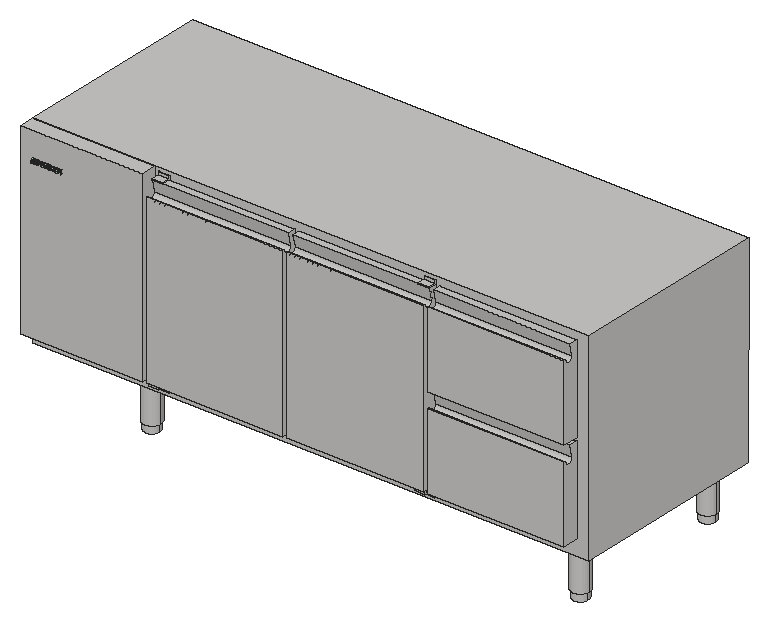
Revit family "QF_ALPENINOX_712681_AJ3F7AAB", category Specialty Equipment, Revit 2018 (continued)
Definition of nested family "APX_BI_BT_L_650"
  Lines and regions (mm)
    Split face 122
      outline origin (-5, -975.3, 50) x (1, 0, 0) y (0, 1, 0)
        loop
          line (-163.464, 661.474) -> (-121.464, 661.474)
          arc (-121.464, 661.474) -> (-117.464, 665.474) -> (-121.464, 669.474) r 4
          line (-121.464, 669.474) -> (-163.464, 669.474)
    Split face 123
      outline origin (325, -975.3, 50) x (1, 0, 0) y (0, 1, 0)
        loop
          arc (-328.464, 669.474) -> (-332.464, 665.474) -> (-328.464, 661.474) r 4
          line (-328.464, 661.474) -> (-286.464, 661.474)
          arc (-286.464, 661.474) -> (-282.464, 665.474) -> (-286.464, 669.474) r 4
          line (-286.464, 669.474) -> (-328.464, 669.474)
    Split face 124
      outline origin (105, -975.3, 50) x (1, 0, 0) y (0, 1, 0)
        loop
          arc (-218.464, 669.474) -> (-222.464, 665.474) -> (-218.464, 661.474) r 4
          line (-218.464, 661.474) -> (-176.464, 661.474)
          arc (-176.464, 661.474) -> (-172.464, 665.474) -> (-176.464, 669.474) r 4
          line (-176.464, 669.474) -> (-218.464, 669.474)
    Split face 125
      outline origin (215, -975.3, 50) x (1, 0, 0) y (0, 1, 0)
        loop
          arc (-273.464, 669.474) -> (-277.464, 665.474) -> (-273.464, 661.474) r 4
          line (-273.464, 661.474) -> (-231.464, 661.474)
          arc (-231.464, 661.474) -> (-227.464, 665.474) -> (-231.464, 669.474) r 4
          line (-231.464, 669.474) -> (-273.464, 669.474)
    Split face 126
      outline origin (-5, -999.3, 50) x (1, 0, 0) y (0, 1, 0)
        loop
          arc (-163.464, 681.474) -> (-167.464, 677.474) -> (-163.464, 673.474) r 4
          line (-163.464, 673.474) -> (-121.464, 673.474)
          arc (-121.464, 673.474) -> (-117.464, 677.474) -> (-121.464, 681.474) r 4
          line (-121.464, 681.474) -> (-163.464, 681.474)
    Split face 127
      outline origin (325, -999.3, 50) x (1, 0, 0) y (0, 1, 0)
        loop
          arc (-328.464, 681.474) -> (-332.464, 677.474) -> (-328.464, 673.474) r 4
          line (-328.464, 673.474) -> (-286.464, 673.474)
          arc (-286.464, 673.474) -> (-282.464, 677.474) -> (-286.464, 681.474) r 4
          line (-286.464, 681.474) -> (-328.464, 681.474)
    Split face 128
      outline origin (105, -999.3, 50) x (1, 0, 0) y (0, 1, 0)
        loop
          arc (-218.464, 681.474) -> (-222.464, 677.474) -> (-218.464, 673.474) r 4
          line (-218.464, 673.474) -> (-176.464, 673.474)
          arc (-176.464, 673.474) -> (-172.464, 677.474) -> (-176.464, 681.474) r 4
          line (-176.464, 681.474) -> (-218.464, 681.474)
    Split face 129
      outline origin (215, -999.3, 50) x (1, 0, 0) y (0, 1, 0)
        loop
          arc (-273.464, 681.474) -> (-277.464, 677.474) -> (-273.464, 673.474) r 4
          line (-273.464, 673.474) -> (-231.464, 673.474)
          arc (-231.464, 673.474) -> (-227.464, 677.474) -> (-231.464, 681.474) r 4
          line (-231.464, 681.474) -> (-273.464, 681.474)
    Split face 130
      outline origin (-5, -1023.3, 50) x (1, 0, 0) y (0, 1, 0)
        loop
          arc (-163.464, 693.474) -> (-167.464, 689.474) -> (-163.464, 685.474) r 4
          line (-163.464, 685.474) -> (-121.464, 685.474)
          arc (-121.464, 685.474) -> (-117.464, 689.474) -> (-121.464, 693.474) r 4
          line (-121.464, 693.474) -> (-163.464, 693.474)
    Split face 131
      outline origin (325, -1023.3, 50) x (1, 0, 0) y (0, 1, 0)
        loop
          arc (-328.464, 693.474) -> (-332.464, 689.474) -> (-328.464, 685.474) r 4
          line (-328.464, 685.474) -> (-286.464, 685.474)
          arc (-286.464, 685.474) -> (-282.464, 689.474) -> (-286.464, 693.474) r 4
          line (-286.464, 693.474) -> (-328.464, 693.474)
    Split face 132
      outline origin (105, -1023.3, 50) x (1, 0, 0) y (0, 1, 0)
        loop
          arc (-218.464, 693.474) -> (-222.464, 689.474) -> (-218.464, 685.474) r 4
          line (-218.464, 685.474) -> (-176.464, 685.474)
          arc (-176.464, 685.474) -> (-172.464, 689.474) -> (-176.464, 693.474) r 4
          line (-176.464, 693.474) -> (-218.464, 693.474)
    Split face 133
      outline origin (215, -1023.3, 50) x (1, 0, 0) y (0, 1, 0)
        loop
          arc (-273.464, 693.474) -> (-277.464, 689.474) -> (-273.464, 685.474) r 4
          line (-273.464, 685.474) -> (-231.464, 685.474)
          arc (-231.464, 685.474) -> (-227.464, 689.474) -> (-231.464, 693.474) r 4
          line (-231.464, 693.474) -> (-273.464, 693.474)
    Split face 134
      outline origin (0, 0, 50) x (1, 0, 0) y (0, 1, 0)
        loop
          arc (51.536, 131.824) -> (47.536, 127.824) -> (51.536, 123.824) r 4
          line (51.536, 123.824) -> (93.536, 123.824)
          arc (93.536, 123.824) -> (97.536, 127.824) -> (93.536, 131.824) r 4
          line (93.536, 131.824) -> (51.536, 131.824)
    Split face 135
      outline origin (0, 0, 50) x (1, 0, 0) y (0, 1, 0)
        loop
          arc (106.536, 131.824) -> (102.536, 127.824) -> (106.536, 123.824) r 4
          line (106.536, 123.824) -> (148.536, 123.824)
          arc (148.536, 123.824) -> (152.536, 127.824) -> (148.536, 131.824) r 4
          line (148.536, 131.824) -> (106.536, 131.824)
    Split face 136
      outline origin (0, -24, 50) x (1, 0, 0) y (0, 1, 0)
        loop
          arc (51.536, 143.824) -> (47.536, 139.824) -> (51.536, 135.824) r 4
          line (51.536, 135.824) -> (93.536, 135.824)
          arc (93.536, 135.824) -> (97.536, 139.824) -> (93.536, 143.824) r 4
          line (93.536, 143.824) -> (51.536, 143.824)
    Split face 137
      outline origin (0, -24, 50) x (1, 0, 0) y (0, 1, 0)
        loop
          arc (106.536, 143.824) -> (102.536, 139.824) -> (106.536, 135.824) r 4
          line (106.536, 135.824) -> (148.536, 135.824)
          arc (148.536, 135.824) -> (152.536, 139.824) -> (148.536, 143.824) r 4
          line (148.536, 143.824) -> (106.536, 143.824)
    Split face 138
      outline origin (0, -48, 50) x (1, 0, 0) y (0, 1, 0)
        loop
          arc (51.536, 155.824) -> (47.536, 151.824) -> (51.536, 147.824) r 4
          line (51.536, 147.824) -> (93.536, 147.824)
          arc (93.536, 147.824) -> (97.536, 151.824) -> (93.536, 155.824) r 4
          line (93.536, 155.824) -> (51.536, 155.824)
    Split face 139
      outline origin (0, -48, 50) x (1, 0, 0) y (0, 1, 0)
        loop
          arc (106.536, 155.824) -> (102.536, 151.824) -> (106.536, 147.824) r 4
          line (106.536, 147.824) -> (148.536, 147.824)
          arc (148.536, 147.824) -> (152.536, 151.824) -> (148.536, 155.824) r 4
          line (148.536, 155.824) -> (106.536, 155.824)
    Split face 140
      outline origin (0, -72, 50) x (1, 0, 0) y (0, 1, 0)
        loop
          arc (51.536, 167.824) -> (47.536, 163.824) -> (51.536, 159.824) r 4
          line (51.536, 159.824) -> (93.536, 159.824)
          arc (93.536, 159.824) -> (97.536, 163.824) -> (93.536, 167.824) r 4
          line (93.536, 167.824) -> (51.536, 167.824)
    Split face 141
      outline origin (0, -72, 50) x (1, 0, 0) y (0, 1, 0)
        loop
          arc (106.536, 167.824) -> (102.536, 163.824) -> (106.536, 159.824) r 4
          line (106.536, 159.824) -> (148.536, 159.824)
          arc (148.536, 159.824) -> (152.536, 163.824) -> (148.536, 167.824) r 4
          line (148.536, 167.824) -> (106.536, 167.824)
    Split face 142
      outline origin (0, -96, 50) x (1, 0, 0) y (0, 1, 0)
        loop
          arc (51.536, 179.824) -> (47.536, 175.824) -> (51.536, 171.824) r 4
          line (51.536, 171.824) -> (93.536, 171.824)
          arc (93.536, 171.824) -> (97.536, 175.824) -> (93.536, 179.824) r 4
          line (93.536, 179.824) -> (51.536, 179.824)
    Split face 143
      outline origin (0, -96, 50) x (1, 0, 0) y (0, 1, 0)
        loop
          arc (106.536, 179.824) -> (102.536, 175.824) -> (106.536, 171.824) r 4
          line (106.536, 171.824) -> (148.536, 171.824)
          arc (148.536, 171.824) -> (152.536, 175.824) -> (148.536, 179.824) r 4
          line (148.536, 179.824) -> (106.536, 179.824)
    Split face 144
      outline origin (0, -120, 50) x (1, 0, 0) y (0, 1, 0)
        loop
          arc (51.536, 191.824) -> (47.536, 187.824) -> (51.536, 183.824) r 4
          line (51.536, 183.824) -> (93.536, 183.824)
          arc (93.536, 183.824) -> (97.536, 187.824) -> (93.536, 191.824) r 4
          line (93.536, 191.824) -> (51.536, 191.824)
    Split face 145
      outline origin (0, -120, 50) x (1, 0, 0) y (0, 1, 0)
        loop
          arc (106.536, 191.824) -> (102.536, 187.824) -> (106.536, 183.824) r 4
          line (106.536, 183.824) -> (148.536, 183.824)
          arc (148.536, 183.824) -> (152.536, 187.824) -> (148.536, 191.824) r 4
          line (148.536, 191.824) -> (106.536, 191.824)
    Split face 146
      outline origin (0, -144, 50) x (1, 0, 0) y (0, 1, 0)
        loop
          arc (51.536, 203.824) -> (47.536, 199.824) -> (51.536, 195.824) r 4
          line (51.536, 195.824) -> (93.536, 195.824)
          arc (93.536, 195.824) -> (97.536, 199.824) -> (93.536, 203.824) r 4
          line (93.536, 203.824) -> (51.536, 203.824)
    Split face 147
      outline origin (0, -144, 50) x (1, 0, 0) y (0, 1, 0)
        loop
          arc (106.536, 203.824) -> (102.536, 199.824) -> (106.536, 195.824) r 4
          line (106.536, 195.824) -> (148.536, 195.824)
          arc (148.536, 195.824) -> (152.536, 199.824) -> (148.536, 203.824) r 4
          line (148.536, 203.824) -> (106.536, 203.824)
    Split face 148
      outline origin (0, -168, 50) x (1, 0, 0) y (0, 1, 0)
        loop
          arc (51.536, 215.824) -> (47.536, 211.824) -> (51.536, 207.824) r 4
          line (51.536, 207.824) -> (93.536, 207.824)
          arc (93.536, 207.824) -> (97.536, 211.824) -> (93.536, 215.824) r 4
          line (93.536, 215.824) -> (51.536, 215.824)
    Split face 149
      outline origin (0, -168, 50) x (1, 0, 0) y (0, 1, 0)
        loop
          arc (106.536, 215.824) -> (102.536, 211.824) -> (106.536, 207.824) r 4
          line (106.536, 207.824) -> (148.536, 207.824)
          arc (148.536, 207.824) -> (152.536, 211.824) -> (148.536, 215.824) r 4
          line (148.536, 215.824) -> (106.536, 215.824)
    Split face 150
      outline origin (0, -192, 50) x (1, 0, 0) y (0, 1, 0)
        loop
          arc (51.536, 227.824) -> (47.536, 223.824) -> (51.536, 219.824) r 4
          line (51.536, 219.824) -> (93.536, 219.824)
          arc (93.536, 219.824) -> (97.536, 223.824) -> (93.536, 227.824) r 4
          line (93.536, 227.824) -> (51.536, 227.824)
    Split face 151
      outline origin (0, -192, 50) x (1, 0, 0) y (0, 1, 0)
        loop
          arc (106.536, 227.824) -> (102.536, 223.824) -> (106.536, 219.824) r 4
          line (106.536, 219.824) -> (148.536, 219.824)
          arc (148.536, 219.824) -> (152.536, 223.824) -> (148.536, 227.824) r 4
          line (148.536, 227.824) -> (106.536, 227.824)
    Split face 152
      outline origin (0, -216, 50) x (1, 0, 0) y (0, 1, 0)
        loop
          arc (51.536, 239.824) -> (47.536, 235.824) -> (51.536, 231.824) r 4
          line (51.536, 231.824) -> (93.536, 231.824)
          arc (93.536, 231.824) -> (97.536, 235.824) -> (93.536, 239.824) r 4
          line (93.536, 239.824) -> (51.536, 239.824)
    Split face 153
      outline origin (0, -216, 50) x (1, 0, 0) y (0, 1, 0)
        loop
          arc (106.536, 239.824) -> (102.536, 235.824) -> (106.536, 231.824) r 4
          line (106.536, 231.824) -> (148.536, 231.824)
          arc (148.536, 231.824) -> (152.536, 235.824) -> (148.536, 239.824) r 4
          line (148.536, 239.824) -> (106.536, 239.824)
    Split face 154
      outline origin (0, -240, 50) x (1, 0, 0) y (0, 1, 0)
        loop
          arc (51.536, 251.824) -> (47.536, 247.824) -> (51.536, 243.824) r 4
          line (51.536, 243.824) -> (93.536, 243.824)
          arc (93.536, 243.824) -> (97.536, 247.824) -> (93.536, 251.824) r 4
          line (93.536, 251.824) -> (51.536, 251.824)
    Split face 155
      outline origin (0, -240, 50) x (1, 0, 0) y (0, 1, 0)
        loop
          arc (106.536, 251.824) -> (102.536, 247.824) -> (106.536, 243.824) r 4
          line (106.536, 243.824) -> (148.536, 243.824)
          arc (148.536, 243.824) -> (152.536, 247.824) -> (148.536, 251.824) r 4
          line (148.536, 251.824) -> (106.536, 251.824)
    Split face 156
      outline origin (0, -264, 50) x (1, 0, 0) y (0, 1, 0)
        loop
          arc (51.536, 263.824) -> (47.536, 259.824) -> (51.536, 255.824) r 4
          line (51.536, 255.824) -> (93.536, 255.824)
          arc (93.536, 255.824) -> (97.536, 259.824) -> (93.536, 263.824) r 4
          line (93.536, 263.824) -> (51.536, 263.824)
    Split face 157
      outline origin (0, -264, 50) x (1, 0, 0) y (0, 1, 0)
        loop
          arc (106.536, 263.824) -> (102.536, 259.824) -> (106.536, 255.824) r 4
          line (106.536, 255.824) -> (148.536, 255.824)
          arc (148.536, 255.824) -> (152.536, 259.824) -> (148.536, 263.824) r 4
          line (148.536, 263.824) -> (106.536, 263.824)
    Split face 158
      outline origin (0, -288, 50) x (1, 0, 0) y (0, 1, 0)
        loop
          arc (51.536, 275.824) -> (47.536, 271.824) -> (51.536, 267.824) r 4
          line (51.536, 267.824) -> (93.536, 267.824)
          arc (93.536, 267.824) -> (97.536, 271.824) -> (93.536, 275.824) r 4
          line (93.536, 275.824) -> (51.536, 275.824)
    Split face 159
      outline origin (0, -288, 50) x (1, 0, 0) y (0, 1, 0)
        loop
          arc (106.536, 275.824) -> (102.536, 271.824) -> (106.536, 267.824) r 4
          line (106.536, 267.824) -> (148.536, 267.824)
          arc (148.536, 267.824) -> (152.536, 271.824) -> (148.536, 275.824) r 4
          line (148.536, 275.824) -> (106.536, 275.824)
    Split face 160
      outline origin (0, -312, 50) x (1, 0, 0) y (0, 1, 0)
        loop
          arc (51.536, 287.824) -> (47.536, 283.824) -> (51.536, 279.824) r 4
          line (51.536, 279.824) -> (93.536, 279.824)
          arc (93.536, 279.824) -> (97.536, 283.824) -> (93.536, 287.824) r 4
          line (93.536, 287.824) -> (51.536, 287.824)
    Split face 161
      outline origin (0, -312, 50) x (1, 0, 0) y (0, 1, 0)
        loop
          arc (106.536, 287.824) -> (102.536, 283.824) -> (106.536, 279.824) r 4
          line (106.536, 279.824) -> (148.536, 279.824)
          arc (148.536, 279.824) -> (152.536, 283.824) -> (148.536, 287.824) r 4
          line (148.536, 287.824) -> (106.536, 287.824)
    Split face 162
      outline origin (0, -336, 50) x (1, 0, 0) y (0, 1, 0)
        loop
          arc (51.536, 299.824) -> (47.536, 295.824) -> (51.536, 291.824) r 4
          line (51.536, 291.824) -> (93.536, 291.824)
          arc (93.536, 291.824) -> (97.536, 295.824) -> (93.536, 299.824) r 4
          line (93.536, 299.824) -> (51.536, 299.824)
    Split face 163
      outline origin (0, -336, 50) x (1, 0, 0) y (0, 1, 0)
        loop
          arc (106.536, 299.824) -> (102.536, 295.824) -> (106.536, 291.824) r 4
          line (106.536, 291.824) -> (148.536, 291.824)
          arc (148.536, 291.824) -> (152.536, 295.824) -> (148.536, 299.824) r 4
          line (148.536, 299.824) -> (106.536, 299.824)
    Split face 164
      outline origin (0, -360, 50) x (1, 0, 0) y (0, 1, 0)
        loop
          arc (51.536, 311.824) -> (47.536, 307.824) -> (51.536, 303.824) r 4
          line (51.536, 303.824) -> (93.536, 303.824)
          arc (93.536, 303.824) -> (97.536, 307.824) -> (93.536, 311.824) r 4
          line (93.536, 311.824) -> (51.536, 311.824)
    Split face 165
      outline origin (0, -360, 50) x (1, 0, 0) y (0, 1, 0)
        loop
          arc (106.536, 311.824) -> (102.536, 307.824) -> (106.536, 303.824) r 4
          line (106.536, 303.824) -> (148.536, 303.824)
          arc (148.536, 303.824) -> (152.536, 307.824) -> (148.536, 311.824) r 4
          line (148.536, 311.824) -> (106.536, 311.824)
    Split face 166
      outline origin (0, -663.3, 50) x (1, 0, 0) y (0, 1, 0)
        loop
          arc (51.536, 513.474) -> (47.536, 509.474) -> (51.536, 505.474) r 4
          line (51.536, 505.474) -> (93.536, 505.474)
          arc (93.536, 505.474) -> (97.536, 509.474) -> (93.536, 513.474) r 4
          line (93.536, 513.474) -> (51.536, 513.474)
    Split face 167
      outline origin (0, -663.3, 50) x (1, 0, 0) y (0, 1, 0)
        loop
          arc (106.536, 513.474) -> (102.536, 509.474) -> (106.536, 505.474) r 4
          line (106.536, 505.474) -> (148.536, 505.474)
          arc (148.536, 505.474) -> (152.536, 509.474) -> (148.536, 513.474) r 4
          line (148.536, 513.474) -> (106.536, 513.474)
    Split face 168
      outline origin (0, -687.3, 50) x (1, 0, 0) y (0, 1, 0)
        loop
          arc (51.536, 525.474) -> (47.536, 521.474) -> (51.536, 517.474) r 4
          line (51.536, 517.474) -> (93.536, 517.474)
          arc (93.536, 517.474) -> (97.536, 521.474) -> (93.536, 525.474) r 4
          line (93.536, 525.474) -> (51.536, 525.474)
    Split face 169
      outline origin (0, -687.3, 50) x (1, 0, 0) y (0, 1, 0)
        loop
          arc (106.536, 525.474) -> (102.536, 521.474) -> (106.536, 517.474) r 4
          line (106.536, 517.474) -> (148.536, 517.474)
          arc (148.536, 517.474) -> (152.536, 521.474) -> (148.536, 525.474) r 4
          line (148.536, 525.474) -> (106.536, 525.474)
    Split face 170
      outline origin (0, -711.3, 50) x (1, 0, 0) y (0, 1, 0)
        loop
          arc (51.536, 537.474) -> (47.536, 533.474) -> (51.536, 529.474) r 4
          line (51.536, 529.474) -> (93.536, 529.474)
          arc (93.536, 529.474) -> (97.536, 533.474) -> (93.536, 537.474) r 4
          line (93.536, 537.474) -> (51.536, 537.474)
    Split face 171
      outline origin (0, -711.3, 50) x (1, 0, 0) y (0, 1, 0)
        loop
          arc (106.536, 537.474) -> (102.536, 533.474) -> (106.536, 529.474) r 4
          line (106.536, 529.474) -> (148.536, 529.474)
          arc (148.536, 529.474) -> (152.536, 533.474) -> (148.536, 537.474) r 4
          line (148.536, 537.474) -> (106.536, 537.474)
    Split face 172
      outline origin (0, -735.3, 50) x (1, 0, 0) y (0, 1, 0)
        loop
          arc (51.536, 549.474) -> (47.536, 545.474) -> (51.536, 541.474) r 4
          line (51.536, 541.474) -> (93.536, 541.474)
          arc (93.536, 541.474) -> (97.536, 545.474) -> (93.536, 549.474) r 4
          line (93.536, 549.474) -> (51.536, 549.474)
    Split face 173
      outline origin (0, -735.3, 50) x (1, 0, 0) y (0, 1, 0)
        loop
          arc (106.536, 549.474) -> (102.536, 545.474) -> (106.536, 541.474) r 4
          line (106.536, 541.474) -> (148.536, 541.474)
          arc (148.536, 541.474) -> (152.536, 545.474) -> (148.536, 549.474) r 4
          line (148.536, 549.474) -> (106.536, 549.474)
    Split face 174
      outline origin (0, -759.3, 50) x (1, 0, 0) y (0, 1, 0)
        loop
          arc (51.536, 561.474) -> (47.536, 557.474) -> (51.536, 553.474) r 4
          line (51.536, 553.474) -> (93.536, 553.474)
          arc (93.536, 553.474) -> (97.536, 557.474) -> (93.536, 561.474) r 4
          line (93.536, 561.474) -> (51.536, 561.474)
    Split face 175
      outline origin (0, -759.3, 50) x (1, 0, 0) y (0, 1, 0)
        loop
          arc (106.536, 561.474) -> (102.536, 557.474) -> (106.536, 553.474) r 4
          line (106.536, 553.474) -> (148.536, 553.474)
          arc (148.536, 553.474) -> (152.536, 557.474) -> (148.536, 561.474) r 4
          line (148.536, 561.474) -> (106.536, 561.474)
    Split face 176
      outline origin (0, -783.3, 50) x (1, 0, 0) y (0, 1, 0)
        loop
          arc (51.536, 573.474) -> (47.536, 569.474) -> (51.536, 565.474) r 4
          line (51.536, 565.474) -> (93.536, 565.474)
          arc (93.536, 565.474) -> (97.536, 569.474) -> (93.536, 573.474) r 4
          line (93.536, 573.474) -> (51.536, 573.474)
    Split face 177
      outline origin (0, -783.3, 50) x (1, 0, 0) y (0, 1, 0)
        loop
          arc (106.536, 573.474) -> (102.536, 569.474) -> (106.536, 565.474) r 4
          line (106.536, 565.474) -> (148.536, 565.474)
          arc (148.536, 565.474) -> (152.536, 569.474) -> (148.536, 573.474) r 4
          line (148.536, 573.474) -> (106.536, 573.474)
    Split face 178
      outline origin (0, -807.3, 50) x (1, 0, 0) y (0, 1, 0)
        loop
          arc (51.536, 585.474) -> (47.536, 581.474) -> (51.536, 577.474) r 4
          line (51.536, 577.474) -> (93.536, 577.474)
          arc (93.536, 577.474) -> (97.536, 581.474) -> (93.536, 585.474) r 4
          line (93.536, 585.474) -> (51.536, 585.474)
    Split face 179
      outline origin (0, -807.3, 50) x (1, 0, 0) y (0, 1, 0)
        loop
          arc (106.536, 585.474) -> (102.536, 581.474) -> (106.536, 577.474) r 4
          line (106.536, 577.474) -> (148.536, 577.474)
          arc (148.536, 577.474) -> (152.536, 581.474) -> (148.536, 585.474) r 4
          line (148.536, 585.474) -> (106.536, 585.474)
    Split face 180
      outline origin (0, -831.3, 50) x (1, 0, 0) y (0, 1, 0)
        loop
          arc (51.536, 597.474) -> (47.536, 593.474) -> (51.536, 589.474) r 4
          line (51.536, 589.474) -> (93.536, 589.474)
          arc (93.536, 589.474) -> (97.536, 593.474) -> (93.536, 597.474) r 4
          line (93.536, 597.474) -> (51.536, 597.474)
    Split face 181
      outline origin (0, -831.3, 50) x (1, 0, 0) y (0, 1, 0)
        loop
          arc (106.536, 597.474) -> (102.536, 593.474) -> (106.536, 589.474) r 4
          line (106.536, 589.474) -> (148.536, 589.474)
          arc (148.536, 589.474) -> (152.536, 593.474) -> (148.536, 597.474) r 4
          line (148.536, 597.474) -> (106.536, 597.474)
    Split face 182
      outline origin (0, -855.3, 50) x (1, 0, 0) y (0, 1, 0)
        loop
          arc (51.536, 609.474) -> (47.536, 605.474) -> (51.536, 601.474) r 4
          line (51.536, 601.474) -> (93.536, 601.474)
          arc (93.536, 601.474) -> (97.536, 605.474) -> (93.536, 609.474) r 4
          line (93.536, 609.474) -> (51.536, 609.474)
    Split face 183
      outline origin (0, -855.3, 50) x (1, 0, 0) y (0, 1, 0)
        loop
          arc (106.536, 609.474) -> (102.536, 605.474) -> (106.536, 601.474) r 4
          line (106.536, 601.474) -> (148.536, 601.474)
          arc (148.536, 601.474) -> (152.536, 605.474) -> (148.536, 609.474) r 4
          line (148.536, 609.474) -> (106.536, 609.474)
    Split face 184
      outline origin (0, -879.3, 50) x (1, 0, 0) y (0, 1, 0)
        loop
          arc (51.536, 621.474) -> (47.536, 617.474) -> (51.536, 613.474) r 4
          line (51.536, 613.474) -> (93.536, 613.474)
          arc (93.536, 613.474) -> (97.536, 617.474) -> (93.536, 621.474) r 4
          line (93.536, 621.474) -> (51.536, 621.474)
    Split face 185
      outline origin (0, -879.3, 50) x (1, 0, 0) y (0, 1, 0)
        loop
          arc (106.536, 621.474) -> (102.536, 617.474) -> (106.536, 613.474) r 4
          line (106.536, 613.474) -> (148.536, 613.474)
          arc (148.536, 613.474) -> (152.536, 617.474) -> (148.536, 621.474) r 4
          line (148.536, 621.474) -> (106.536, 621.474)
    Split face 186
      outline origin (0, -903.3, 50) x (1, 0, 0) y (0, 1, 0)
        loop
          arc (51.536, 633.474) -> (47.536, 629.474) -> (51.536, 625.474) r 4
          line (51.536, 625.474) -> (93.536, 625.474)
          arc (93.536, 625.474) -> (97.536, 629.474) -> (93.536, 633.474) r 4
          line (93.536, 633.474) -> (51.536, 633.474)
    Split face 187
      outline origin (0, -903.3, 50) x (1, 0, 0) y (0, 1, 0)
        loop
          arc (106.536, 633.474) -> (102.536, 629.474) -> (106.536, 625.474) r 4
          line (106.536, 625.474) -> (148.536, 625.474)
          arc (148.536, 625.474) -> (152.536, 629.474) -> (148.536, 633.474) r 4
          line (148.536, 633.474) -> (106.536, 633.474)
    Split face 188
      outline origin (0, -927.3, 50) x (1, 0, 0) y (0, 1, 0)
        loop
          arc (51.536, 645.474) -> (47.536, 641.474) -> (51.536, 637.474) r 4
          line (51.536, 637.474) -> (93.536, 637.474)
          arc (93.536, 637.474) -> (97.536, 641.474) -> (93.536, 645.474) r 4
          line (93.536, 645.474) -> (51.536, 645.474)
    Split face 189
      outline origin (0, -927.3, 50) x (1, 0, 0) y (0, 1, 0)
        loop
          arc (106.536, 645.474) -> (102.536, 641.474) -> (106.536, 637.474) r 4
          line (106.536, 637.474) -> (148.536, 637.474)
          arc (148.536, 637.474) -> (152.536, 641.474) -> (148.536, 645.474) r 4
          line (148.536, 645.474) -> (106.536, 645.474)
    Split face 190
      outline origin (0, -951.3, 50) x (1, 0, 0) y (0, 1, 0)
        loop
          arc (51.536, 657.474) -> (47.536, 653.474) -> (51.536, 649.474) r 4
          line (51.536, 649.474) -> (93.536, 649.474)
          arc (93.536, 649.474) -> (97.536, 653.474) -> (93.536, 657.474) r 4
          line (93.536, 657.474) -> (51.536, 657.474)
    Split face 191
      outline origin (0, -951.3, 50) x (1, 0, 0) y (0, 1, 0)
        loop
          arc (106.536, 657.474) -> (102.536, 653.474) -> (106.536, 649.474) r 4
          line (106.536, 649.474) -> (148.536, 649.474)
          arc (148.536, 649.474) -> (152.536, 653.474) -> (148.536, 657.474) r 4
          line (148.536, 657.474) -> (106.536, 657.474)
    Split face 192
      outline origin (0, -975.3, 50) x (1, 0, 0) y (0, 1, 0)
        loop
          arc (51.536, 669.474) -> (47.536, 665.474) -> (51.536, 661.474) r 4
          line (51.536, 661.474) -> (93.536, 661.474)
          arc (93.536, 661.474) -> (97.536, 665.474) -> (93.536, 669.474) r 4
          line (93.536, 669.474) -> (51.536, 669.474)
    Split face 193
      outline origin (0, -975.3, 50) x (1, 0, 0) y (0, 1, 0)
        loop
          arc (106.536, 669.474) -> (102.536, 665.474) -> (106.536, 661.474) r 4
          line (106.536, 661.474) -> (148.536, 661.474)
          arc (148.536, 661.474) -> (152.536, 665.474) -> (148.536, 669.474) r 4
          line (148.536, 669.474) -> (106.536, 669.474)
    Split face 194
      outline origin (0, -999.3, 50) x (1, 0, 0) y (0, 1, 0)
        loop
          arc (51.536, 681.474) -> (47.536, 677.474) -> (51.536, 673.474) r 4
          line (51.536, 673.474) -> (93.536, 673.474)
          arc (93.536, 673.474) -> (97.536, 677.474) -> (93.536, 681.474) r 4
          line (93.536, 681.474) -> (51.536, 681.474)
    Split face 195
      outline origin (0, -999.3, 50) x (1, 0, 0) y (0, 1, 0)
        loop
          arc (106.536, 681.474) -> (102.536, 677.474) -> (106.536, 673.474) r 4
          line (106.536, 673.474) -> (148.536, 673.474)
          arc (148.536, 673.474) -> (152.536, 677.474) -> (148.536, 681.474) r 4
          line (148.536, 681.474) -> (106.536, 681.474)
    Split face 196
      outline origin (0, -1023.3, 50) x (1, 0, 0) y (0, 1, 0)
        loop
          arc (51.536, 693.474) -> (47.536, 689.474) -> (51.536, 685.474) r 4
          line (51.536, 685.474) -> (93.536, 685.474)
          arc (93.536, 685.474) -> (97.536, 689.474) -> (93.536, 693.474) r 4
          line (93.536, 693.474) -> (51.536, 693.474)
    Split face 197
      outline origin (0, -1023.3, 50) x (1, 0, 0) y (0, 1, 0)
        loop
          arc (106.536, 693.474) -> (102.536, 689.474) -> (106.536, 685.474) r 4
          line (106.536, 685.474) -> (148.536, 685.474)
          arc (148.536, 685.474) -> (152.536, 689.474) -> (148.536, 693.474) r 4
          line (148.536, 693.474) -> (106.536, 693.474)
    Split face 198
      outline origin (100, 0, 50) x (1, 0, 0) y (0, 1, 0)
        loop
          line (87.08, 183) -> (-272.92, 183)
          arc (-272.92, 183) -> (-290.42, 165.5) -> (-272.92, 148) r 17.5
          line (-272.92, 148) -> (87.08, 148)
    symbolic lines
      curve 1: line (187.08, -49, 50) -> (187.08, -49, 0)
  Dimensions and locks
    equal spacing: plane 4, plane 3 "Center (Left/Right)", plane 5
    equal spacing: plane 6, plane 1 "Center (Front/Back)", plane 7
    aligned and locked: plane 2 to Extrusion 1
    aligned and locked: level to Extrusion 1
  Automatic sketch dimensions
    Split face 4 sketch curve to Split face 4 sketch curve = 42 mm
    Split face 4 sketch curve to Split face 4 sketch curve = 4 mm
    Split face 5 sketch curve to Split face 5 sketch curve = 42 mm
    Split face 5 sketch curve to Split face 5 sketch curve = 4 mm
    Split face 6 sketch curve to Split face 6 sketch curve = 42 mm
    Split face 6 sketch curve to Split face 6 sketch curve = 4 mm
    Split face 7 sketch curve to Split face 7 sketch curve = 42 mm
    Split face 7 sketch curve to Split face 7 sketch curve = 4 mm
    Split face 8 sketch curve to Split face 8 sketch curve = 42 mm
    Split face 8 sketch curve to Split face 8 sketch curve = 4 mm
    Split face 9 sketch curve to Split face 9 sketch curve = 42 mm
    Split face 9 sketch curve to Split face 9 sketch curve = 4 mm
    Split face 10 sketch curve to Split face 10 sketch curve = 42 mm
    Split face 10 sketch curve to Split face 10 sketch curve = 4 mm
    Split face 11 sketch curve to Split face 11 sketch curve = 42 mm
    Split face 11 sketch curve to Split face 11 sketch curve = 4 mm
    Split face 12 sketch curve to Split face 12 sketch curve = 42 mm
    Split face 12 sketch curve to Split face 12 sketch curve = 4 mm
    Split face 13 sketch curve to Split face 13 sketch curve = 42 mm
    Split face 13 sketch curve to Split face 13 sketch curve = 4 mm
    Split face 14 sketch curve to Split face 14 sketch curve = 42 mm
    Split face 14 sketch curve to Split face 14 sketch curve = 4 mm
    Split face 15 sketch curve to Split face 15 sketch curve = 42 mm
    Split face 15 sketch curve to Split face 15 sketch curve = 4 mm
    Split face 16 sketch curve to Split face 16 sketch curve = 42 mm
    Split face 16 sketch curve to Split face 16 sketch curve = 4 mm
    Split face 17 sketch curve to Split face 17 sketch curve = 42 mm
    Split face 17 sketch curve to Split face 17 sketch curve = 4 mm
    Split face 18 sketch curve to Split face 18 sketch curve = 42 mm
    Split face 18 sketch curve to Split face 18 sketch curve = 4 mm
    Split face 19 sketch curve to Split face 19 sketch curve = 42 mm
    Split face 19 sketch curve to Split face 19 sketch curve = 4 mm
    Split face 20 sketch curve to Split face 20 sketch curve = 42 mm
    Split face 20 sketch curve to Split face 20 sketch curve = 4 mm
    Split face 21 sketch curve to Split face 21 sketch curve = 42 mm
    Split face 21 sketch curve to Split face 21 sketch curve = 4 mm
    Split face 22 sketch curve to Split face 22 sketch curve = 42 mm
    Split face 22 sketch curve to Split face 22 sketch curve = 4 mm
    Split face 23 sketch curve to Split face 23 sketch curve = 42 mm
    Split face 23 sketch curve to Split face 23 sketch curve = 4 mm
    Split face 24 sketch curve to Split face 24 sketch curve = 42 mm
    Split face 24 sketch curve to Split face 24 sketch curve = 4 mm
    Split face 25 sketch curve to Split face 25 sketch curve = 42 mm
    Split face 25 sketch curve to Split face 25 sketch curve = 4 mm
    Split face 26 sketch curve to Split face 26 sketch curve = 42 mm
    Split face 26 sketch curve to Split face 26 sketch curve = 4 mm
    Split face 27 sketch curve to Split face 27 sketch curve = 42 mm
    Split face 27 sketch curve to Split face 27 sketch curve = 4 mm
    Split face 28 sketch curve to Split face 28 sketch curve = 42 mm
    Split face 28 sketch curve to Split face 28 sketch curve = 4 mm
    Split face 29 sketch curve to Split face 29 sketch curve = 42 mm
    Split face 29 sketch curve to Split face 29 sketch curve = 4 mm
    Split face 30 sketch curve to Split face 30 sketch curve = 42 mm
    Split face 30 sketch curve to Split face 30 sketch curve = 4 mm
    Split face 31 sketch curve to Split face 31 sketch curve = 42 mm
    Split face 31 sketch curve to Split face 31 sketch curve = 4 mm
    Split face 32 sketch curve to Split face 32 sketch curve = 42 mm
    Split face 32 sketch curve to Split face 32 sketch curve = 4 mm
    Split face 33 sketch curve to Split face 33 sketch curve = 42 mm
    Split face 33 sketch curve to Split face 33 sketch curve = 4 mm
    Split face 34 sketch curve to Split face 34 sketch curve = 42 mm
    Split face 34 sketch curve to Split face 34 sketch curve = 4 mm
    Split face 35 sketch curve to Split face 35 sketch curve = 42 mm
    Split face 35 sketch curve to Split face 35 sketch curve = 4 mm
    Split face 36 sketch curve to Split face 36 sketch curve = 42 mm
    Split face 36 sketch curve to Split face 36 sketch curve = 4 mm
    Split face 37 sketch curve to Split face 37 sketch curve = 42 mm
    Split face 37 sketch curve to Split face 37 sketch curve = 4 mm
    Split face 38 sketch curve to Split face 38 sketch curve = 42 mm
    Split face 38 sketch curve to Split face 38 sketch curve = 4 mm
    Split face 39 sketch curve to Split face 39 sketch curve = 42 mm
    Split face 39 sketch curve to Split face 39 sketch curve = 4 mm
    Split face 40 sketch curve to Split face 40 sketch curve = 42 mm
    Split face 40 sketch curve to Split face 40 sketch curve = 4 mm
    Split face 41 sketch curve to Split face 41 sketch curve = 42 mm
    Split face 41 sketch curve to Split face 41 sketch curve = 4 mm
    Split face 42 sketch curve to Split face 42 sketch curve = 42 mm
    Split face 42 sketch curve to Split face 42 sketch curve = 4 mm
    Split face 43 sketch curve to Split face 43 sketch curve = 42 mm
    Split face 43 sketch curve to Split face 43 sketch curve = 4 mm
    Split face 44 sketch curve to Split face 44 sketch curve = 42 mm
    Split face 44 sketch curve to Split face 44 sketch curve = 4 mm
    Split face 45 sketch curve to Split face 45 sketch curve = 42 mm
    Split face 45 sketch curve to Split face 45 sketch curve = 4 mm
    Split face 46 sketch curve to Split face 46 sketch curve = 42 mm
    Split face 46 sketch curve to Split face 46 sketch curve = 4 mm
    Split face 47 sketch curve to Split face 47 sketch curve = 42 mm
    Split face 47 sketch curve to Split face 47 sketch curve = 4 mm
    Split face 48 sketch curve to Split face 48 sketch curve = 42 mm
    Split face 48 sketch curve to Split face 48 sketch curve = 4 mm
    Split face 49 sketch curve to Split face 49 sketch curve = 42 mm
    Split face 49 sketch curve to Split face 49 sketch curve = 4 mm
    Split face 50 sketch curve to Split face 50 sketch curve = 42 mm
    Split face 50 sketch curve to Split face 50 sketch curve = 4 mm
    Split face 51 sketch curve to Split face 51 sketch curve = 42 mm
    Split face 51 sketch curve to Split face 51 sketch curve = 4 mm
    Split face 52 sketch curve to Split face 52 sketch curve = 42 mm
    Split face 52 sketch curve to Split face 52 sketch curve = 4 mm
    Split face 53 sketch curve to Split face 53 sketch curve = 42 mm
    Split face 53 sketch curve to Split face 53 sketch curve = 4 mm
    Split face 54 sketch curve to Split face 54 sketch curve = 42 mm
    Split face 54 sketch curve to Split face 54 sketch curve = 4 mm
    Split face 55 sketch curve to Split face 55 sketch curve = 42 mm
    Split face 55 sketch curve to Split face 55 sketch curve = 4 mm
    Split face 56 sketch curve to Split face 56 sketch curve = 42 mm
    Split face 56 sketch curve to Split face 56 sketch curve = 4 mm
    Split face 57 sketch curve to Split face 57 sketch curve = 42 mm
    Split face 57 sketch curve to Split face 57 sketch curve = 4 mm
    Split face 58 sketch curve to Split face 58 sketch curve = 42 mm
    Split face 58 sketch curve to Split face 58 sketch curve = 4 mm
    Split face 59 sketch curve to Split face 59 sketch curve = 42 mm
    Split face 59 sketch curve to Split face 59 sketch curve = 4 mm
    Split face 60 sketch curve to Split face 60 sketch curve = 42 mm
    Split face 60 sketch curve to Split face 60 sketch curve = 4 mm
    Split face 61 sketch curve to Split face 61 sketch curve = 42 mm
    Split face 61 sketch curve to Split face 61 sketch curve = 4 mm
    Split face 62 sketch curve to Split face 62 sketch curve = 42 mm
    Split face 62 sketch curve to Split face 62 sketch curve = 4 mm
    Split face 63 sketch curve to Split face 63 sketch curve = 42 mm
    Split face 63 sketch curve to Split face 63 sketch curve = 4 mm
    Split face 64 sketch curve to Split face 64 sketch curve = 42 mm
    Split face 64 sketch curve to Split face 64 sketch curve = 4 mm
    Split face 65 sketch curve to Split face 65 sketch curve = 42 mm
    Split face 65 sketch curve to Split face 65 sketch curve = 4 mm
    Split face 66 sketch curve to Split face 66 sketch curve = 42 mm
    Split face 66 sketch curve to Split face 66 sketch curve = 4 mm
    Split face 67 sketch curve to Split face 67 sketch curve = 42 mm
    Split face 67 sketch curve to Split face 67 sketch curve = 4 mm
    Split face 68 sketch curve to Split face 68 sketch curve = 42 mm
    Split face 68 sketch curve to Split face 68 sketch curve = 4 mm
    Split face 70 sketch curve to Split face 70 sketch curve = 42 mm
    Split face 70 sketch curve to Split face 70 sketch curve = 4 mm
    Split face 71 sketch curve to Split face 71 sketch curve = 42 mm
    Split face 71 sketch curve to Split face 71 sketch curve = 4 mm
    Split face 72 sketch curve to Split face 72 sketch curve = 42 mm
    Split face 72 sketch curve to Split face 72 sketch curve = 4 mm
    Split face 73 sketch curve to Split face 73 sketch curve = 42 mm
    Split face 73 sketch curve to Split face 73 sketch curve = 4 mm
    Split face 74 sketch curve to Split face 74 sketch curve = 42 mm
    Split face 74 sketch curve to Split face 74 sketch curve = 4 mm
    Split face 75 sketch curve to Split face 75 sketch curve = 42 mm
    Split face 75 sketch curve to Split face 75 sketch curve = 4 mm
    Split face 76 sketch curve to Split face 76 sketch curve = 42 mm
    Split face 76 sketch curve to Split face 76 sketch curve = 4 mm
    Split face 77 sketch curve to Split face 77 sketch curve = 42 mm
    Split face 77 sketch curve to Split face 77 sketch curve = 4 mm
    Split face 78 sketch curve to Split face 78 sketch curve = 42 mm
    Split face 78 sketch curve to Split face 78 sketch curve = 4 mm
    Split face 79 sketch curve to Split face 79 sketch curve = 42 mm
    Split face 79 sketch curve to Split face 79 sketch curve = 4 mm
    Split face 80 sketch curve to Split face 80 sketch curve = 42 mm
    Split face 80 sketch curve to Split face 80 sketch curve = 4 mm
    Split face 81 sketch curve to Split face 81 sketch curve = 42 mm
    Split face 81 sketch curve to Split face 81 sketch curve = 4 mm
    Split face 82 sketch curve to Split face 82 sketch curve = 42 mm
    Split face 82 sketch curve to Split face 82 sketch curve = 4 mm
    Split face 83 sketch curve to Split face 83 sketch curve = 42 mm
    Split face 83 sketch curve to Split face 83 sketch curve = 4 mm
    Split face 84 sketch curve to Split face 84 sketch curve = 42 mm
    Split face 84 sketch curve to Split face 84 sketch curve = 4 mm
    Split face 85 sketch curve to Split face 85 sketch curve = 42 mm
    Split face 85 sketch curve to Split face 85 sketch curve = 4 mm
    Split face 86 sketch curve to Split face 86 sketch curve = 42 mm
    Split face 86 sketch curve to Split face 86 sketch curve = 4 mm
    Split face 87 sketch curve to Split face 87 sketch curve = 42 mm
    Split face 87 sketch curve to Split face 87 sketch curve = 4 mm
    Split face 88 sketch curve to Split face 88 sketch curve = 42 mm
    Split face 88 sketch curve to Split face 88 sketch curve = 4 mm
    Split face 89 sketch curve to Split face 89 sketch curve = 42 mm
    Split face 89 sketch curve to Split face 89 sketch curve = 4 mm
    Split face 90 sketch curve to Split face 90 sketch curve = 42 mm
    Split face 90 sketch curve to Split face 90 sketch curve = 4 mm
    Split face 91 sketch curve to Split face 91 sketch curve = 42 mm
    Split face 91 sketch curve to Split face 91 sketch curve = 4 mm
    Split face 92 sketch curve to Split face 92 sketch curve = 42 mm
    Split face 92 sketch curve to Split face 92 sketch curve = 4 mm
    Split face 93 sketch curve to Split face 93 sketch curve = 42 mm
    Split face 93 sketch curve to Split face 93 sketch curve = 4 mm
    Split face 94 sketch curve to Split face 94 sketch curve = 42 mm
    Split face 94 sketch curve to Split face 94 sketch curve = 4 mm
    Split face 95 sketch curve to Split face 95 sketch curve = 42 mm
    Split face 95 sketch curve to Split face 95 sketch curve = 4 mm
    Split face 96 sketch curve to Split face 96 sketch curve = 42 mm
    Split face 96 sketch curve to Split face 96 sketch curve = 4 mm
    Split face 97 sketch curve to Split face 97 sketch curve = 42 mm
    Split face 97 sketch curve to Split face 97 sketch curve = 4 mm
    Split face 98 sketch curve to Split face 98 sketch curve = 42 mm
    Split face 98 sketch curve to Split face 98 sketch curve = 4 mm
    Split face 99 sketch curve to Split face 99 sketch curve = 42 mm
    Split face 99 sketch curve to Split face 99 sketch curve = 4 mm
    Split face 100 sketch curve to Split face 100 sketch curve = 42 mm
    Split face 100 sketch curve to Split face 100 sketch curve = 4 mm
    Split face 101 sketch curve to Split face 101 sketch curve = 42 mm
    Split face 101 sketch curve to Split face 101 sketch curve = 4 mm
    Split face 102 sketch curve to Split face 102 sketch curve = 42 mm
    Split face 102 sketch curve to Split face 102 sketch curve = 4 mm
    Split face 103 sketch curve to Split face 103 sketch curve = 42 mm
    Split face 103 sketch curve to Split face 103 sketch curve = 4 mm
    Split face 104 sketch curve to Split face 104 sketch curve = 42 mm
    Split face 104 sketch curve to Split face 104 sketch curve = 4 mm
    Split face 105 sketch curve to Split face 105 sketch curve = 42 mm
    Split face 105 sketch curve to Split face 105 sketch curve = 4 mm
    Split face 106 sketch curve to Split face 106 sketch curve = 42 mm
    Split face 106 sketch curve to Split face 106 sketch curve = 4 mm
    Split face 107 sketch curve to Split face 107 sketch curve = 42 mm
    Split face 107 sketch curve to Split face 107 sketch curve = 4 mm
    Split face 108 sketch curve to Split face 108 sketch curve = 42 mm
    Split face 108 sketch curve to Split face 108 sketch curve = 4 mm
    Split face 109 sketch curve to Split face 109 sketch curve = 42 mm
    Split face 109 sketch curve to Split face 109 sketch curve = 4 mm
    Split face 110 sketch curve to Split face 110 sketch curve = 42 mm
    Split face 110 sketch curve to Split face 110 sketch curve = 4 mm
    Split face 111 sketch curve to Split face 111 sketch curve = 42 mm
    Split face 111 sketch curve to Split face 111 sketch curve = 4 mm
    Split face 112 sketch curve to Split face 112 sketch curve = 42 mm
    Split face 112 sketch curve to Split face 112 sketch curve = 4 mm
    Split face 113 sketch curve to Split face 113 sketch curve = 42 mm
    Split face 113 sketch curve to Split face 113 sketch curve = 4 mm
    Split face 114 sketch curve to Split face 114 sketch curve = 42 mm
    Split face 114 sketch curve to Split face 114 sketch curve = 4 mm
    Split face 115 sketch curve to Split face 115 sketch curve = 42 mm
    Split face 115 sketch curve to Split face 115 sketch curve = 4 mm
    Split face 116 sketch curve to Split face 116 sketch curve = 42 mm
    Split face 116 sketch curve to Split face 116 sketch curve = 4 mm
    Split face 117 sketch curve to Split face 117 sketch curve = 42 mm
    Split face 117 sketch curve to Split face 117 sketch curve = 4 mm
    Split face 118 sketch curve to Split face 118 sketch curve = 42 mm
    Split face 118 sketch curve to Split face 118 sketch curve = 4 mm
    Split face 119 sketch curve to Split face 119 sketch curve = 42 mm
    Split face 119 sketch curve to Split face 119 sketch curve = 4 mm
    Split face 120 sketch curve to Split face 120 sketch curve = 42 mm
    Split face 120 sketch curve to Split face 120 sketch curve = 4 mm
    Split face 121 sketch curve to Split face 121 sketch curve = 42 mm
    Split face 121 sketch curve to Split face 121 sketch curve = 4 mm
    Split face 122 sketch curve to Split face 122 sketch curve = 42 mm
    Split face 122 sketch curve to Split face 122 sketch curve = 4 mm
    Split face 123 sketch curve to Split face 123 sketch curve = 42 mm
    Split face 123 sketch curve to Split face 123 sketch curve = 4 mm
    Split face 124 sketch curve to Split face 124 sketch curve = 42 mm
    Split face 124 sketch curve to Split face 124 sketch curve = 4 mm
    Split face 125 sketch curve to Split face 125 sketch curve = 42 mm
    Split face 125 sketch curve to Split face 125 sketch curve = 4 mm
    Split face 126 sketch curve to Split face 126 sketch curve = 42 mm
    Split face 126 sketch curve to Split face 126 sketch curve = 4 mm
    Split face 127 sketch curve to Split face 127 sketch curve = 42 mm
    Split face 127 sketch curve to Split face 127 sketch curve = 4 mm
    Split face 128 sketch curve to Split face 128 sketch curve = 42 mm
    Split face 128 sketch curve to Split face 128 sketch curve = 4 mm
    Split face 129 sketch curve to Split face 129 sketch curve = 42 mm
    Split face 129 sketch curve to Split face 129 sketch curve = 4 mm
    Split face 130 sketch curve to Split face 130 sketch curve = 42 mm
    Split face 130 sketch curve to Split face 130 sketch curve = 4 mm
    Split face 131 sketch curve to Split face 131 sketch curve = 42 mm
    Split face 131 sketch curve to Split face 131 sketch curve = 4 mm
    Split face 132 sketch curve to Split face 132 sketch curve = 42 mm
    Split face 132 sketch curve to Split face 132 sketch curve = 4 mm
    Split face 133 sketch curve to Split face 133 sketch curve = 42 mm
    Split face 133 sketch curve to Split face 133 sketch curve = 4 mm
    Split face 134 sketch curve to Split face 134 sketch curve = 4 mm
    Split face 134 sketch curve to Split face 134 sketch curve = 42 mm
    Split face 135 sketch curve to Split face 135 sketch curve = 4 mm
    Split face 135 sketch curve to Split face 135 sketch curve = 42 mm
    Split face 136 sketch curve to Split face 136 sketch curve = 42 mm
    Split face 136 sketch curve to Split face 136 sketch curve = 4 mm
    Split face 137 sketch curve to Split face 137 sketch curve = 42 mm
    Split face 137 sketch curve to Split face 137 sketch curve = 4 mm
    Split face 138 sketch curve to Split face 138 sketch curve = 42 mm
    Split face 138 sketch curve to Split face 138 sketch curve = 4 mm
    Split face 139 sketch curve to Split face 139 sketch curve = 42 mm
    Split face 139 sketch curve to Split face 139 sketch curve = 4 mm
    Split face 140 sketch curve to Split face 140 sketch curve = 42 mm
    Split face 140 sketch curve to Split face 140 sketch curve = 4 mm
    Split face 141 sketch curve to Split face 141 sketch curve = 42 mm
    Split face 141 sketch curve to Split face 141 sketch curve = 4 mm
    Split face 142 sketch curve to Split face 142 sketch curve = 42 mm
    Split face 142 sketch curve to Split face 142 sketch curve = 4 mm
    Split face 143 sketch curve to Split face 143 sketch curve = 42 mm
    Split face 143 sketch curve to Split face 143 sketch curve = 4 mm
    Split face 144 sketch curve to Split face 144 sketch curve = 42 mm
    Split face 144 sketch curve to Split face 144 sketch curve = 4 mm
    Split face 145 sketch curve to Split face 145 sketch curve = 42 mm
    Split face 145 sketch curve to Split face 145 sketch curve = 4 mm
    Split face 146 sketch curve to Split face 146 sketch curve = 42 mm
    Split face 146 sketch curve to Split face 146 sketch curve = 4 mm
    Split face 147 sketch curve to Split face 147 sketch curve = 42 mm
    Split face 147 sketch curve to Split face 147 sketch curve = 4 mm
    Split face 148 sketch curve to Split face 148 sketch curve = 42 mm
    Split face 148 sketch curve to Split face 148 sketch curve = 4 mm
    Split face 149 sketch curve to Split face 149 sketch curve = 42 mm
    Split face 149 sketch curve to Split face 149 sketch curve = 4 mm
    Split face 150 sketch curve to Split face 150 sketch curve = 42 mm
    Split face 150 sketch curve to Split face 150 sketch curve = 4 mm
    Split face 151 sketch curve to Split face 151 sketch curve = 42 mm
    Split face 151 sketch curve to Split face 151 sketch curve = 4 mm
    Split face 152 sketch curve to Split face 152 sketch curve = 42 mm
    Split face 152 sketch curve to Split face 152 sketch curve = 4 mm
    Split face 153 sketch curve to Split face 153 sketch curve = 42 mm
    Split face 153 sketch curve to Split face 153 sketch curve = 4 mm
    Split face 154 sketch curve to Split face 154 sketch curve = 42 mm
    Split face 154 sketch curve to Split face 154 sketch curve = 4 mm
    Split face 155 sketch curve to Split face 155 sketch curve = 42 mm
    Split face 155 sketch curve to Split face 155 sketch curve = 4 mm
    Split face 156 sketch curve to Split face 156 sketch curve = 42 mm
    Split face 156 sketch curve to Split face 156 sketch curve = 4 mm
    Split face 157 sketch curve to Split face 157 sketch curve = 42 mm
    Split face 157 sketch curve to Split face 157 sketch curve = 4 mm
    Split face 158 sketch curve to Split face 158 sketch curve = 42 mm
    Split face 158 sketch curve to Split face 158 sketch curve = 4 mm
    Split face 159 sketch curve to Split face 159 sketch curve = 42 mm
    Split face 159 sketch curve to Split face 159 sketch curve = 4 mm
    Split face 160 sketch curve to Split face 160 sketch curve = 42 mm
    Split face 160 sketch curve to Split face 160 sketch curve = 4 mm
    Split face 161 sketch curve to Split face 161 sketch curve = 42 mm
    Split face 161 sketch curve to Split face 161 sketch curve = 4 mm
    Split face 162 sketch curve to Split face 162 sketch curve = 42 mm
    Split face 162 sketch curve to Split face 162 sketch curve = 4 mm
    Split face 163 sketch curve to Split face 163 sketch curve = 42 mm
    Split face 163 sketch curve to Split face 163 sketch curve = 4 mm
    Split face 164 sketch curve to Split face 164 sketch curve = 42 mm
    Split face 164 sketch curve to Split face 164 sketch curve = 4 mm
    Split face 165 sketch curve to Split face 165 sketch curve = 42 mm
    Split face 165 sketch curve to Split face 165 sketch curve = 4 mm
    Split face 166 sketch curve to Split face 166 sketch curve = 42 mm
    Split face 166 sketch curve to Split face 166 sketch curve = 4 mm
    Split face 167 sketch curve to Split face 167 sketch curve = 42 mm
    Split face 167 sketch curve to Split face 167 sketch curve = 4 mm
    Split face 168 sketch curve to Split face 168 sketch curve = 42 mm
    Split face 168 sketch curve to Split face 168 sketch curve = 4 mm
    Split face 169 sketch curve to Split face 169 sketch curve = 42 mm
    Split face 169 sketch curve to Split face 169 sketch curve = 4 mm
    Split face 170 sketch curve to Split face 170 sketch curve = 42 mm
    Split face 170 sketch curve to Split face 170 sketch curve = 4 mm
    Split face 171 sketch curve to Split face 171 sketch curve = 42 mm
    Split face 171 sketch curve to Split face 171 sketch curve = 4 mm
    Split face 172 sketch curve to Split face 172 sketch curve = 42 mm
    Split face 172 sketch curve to Split face 172 sketch curve = 4 mm
    Split face 173 sketch curve to Split face 173 sketch curve = 42 mm
    Split face 173 sketch curve to Split face 173 sketch curve = 4 mm
    Split face 174 sketch curve to Split face 174 sketch curve = 42 mm
    Split face 174 sketch curve to Split face 174 sketch curve = 4 mm
    Split face 175 sketch curve to Split face 175 sketch curve = 42 mm
    Split face 175 sketch curve to Split face 175 sketch curve = 4 mm
    Split face 176 sketch curve to Split face 176 sketch curve = 42 mm
    Split face 176 sketch curve to Split face 176 sketch curve = 4 mm
    Split face 177 sketch curve to Split face 177 sketch curve = 42 mm
    Split face 177 sketch curve to Split face 177 sketch curve = 4 mm
    Split face 178 sketch curve to Split face 178 sketch curve = 42 mm
    Split face 178 sketch curve to Split face 178 sketch curve = 4 mm
    Split face 179 sketch curve to Split face 179 sketch curve = 42 mm
    Split face 179 sketch curve to Split face 179 sketch curve = 4 mm
    Split face 180 sketch curve to Split face 180 sketch curve = 42 mm
    Split face 180 sketch curve to Split face 180 sketch curve = 4 mm
    Split face 181 sketch curve to Split face 181 sketch curve = 42 mm
    Split face 181 sketch curve to Split face 181 sketch curve = 4 mm
    Split face 182 sketch curve to Split face 182 sketch curve = 42 mm
    Split face 182 sketch curve to Split face 182 sketch curve = 4 mm
    Split face 183 sketch curve to Split face 183 sketch curve = 42 mm
    Split face 183 sketch curve to Split face 183 sketch curve = 4 mm
    Split face 184 sketch curve to Split face 184 sketch curve = 42 mm
    Split face 184 sketch curve to Split face 184 sketch curve = 4 mm
    Split face 185 sketch curve to Split face 185 sketch curve = 42 mm
    Split face 185 sketch curve to Split face 185 sketch curve = 4 mm
    Split face 186 sketch curve to Split face 186 sketch curve = 42 mm
    Split face 186 sketch curve to Split face 186 sketch curve = 4 mm
    Split face 187 sketch curve to Split face 187 sketch curve = 42 mm
    Split face 187 sketch curve to Split face 187 sketch curve = 4 mm
    Split face 188 sketch curve to Split face 188 sketch curve = 42 mm
    Split face 188 sketch curve to Split face 188 sketch curve = 4 mm
    Split face 189 sketch curve to Split face 189 sketch curve = 42 mm
    Split face 189 sketch curve to Split face 189 sketch curve = 4 mm
    Split face 190 sketch curve to Split face 190 sketch curve = 42 mm
    Split face 190 sketch curve to Split face 190 sketch curve = 4 mm
    Split face 191 sketch curve to Split face 191 sketch curve = 42 mm
    Split face 191 sketch curve to Split face 191 sketch curve = 4 mm
    Split face 192 sketch curve to Split face 192 sketch curve = 42 mm
    Split face 192 sketch curve to Split face 192 sketch curve = 4 mm
    Split face 193 sketch curve to Split face 193 sketch curve = 42 mm
    Split face 193 sketch curve to Split face 193 sketch curve = 4 mm
    Split face 194 sketch curve to Split face 194 sketch curve = 42 mm
    Split face 194 sketch curve to Split face 194 sketch curve = 4 mm
    Split face 195 sketch curve to Split face 195 sketch curve = 42 mm
    Split face 195 sketch curve to Split face 195 sketch curve = 4 mm
    Split face 196 sketch curve to Split face 196 sketch curve = 42 mm
    Split face 196 sketch curve to Split face 196 sketch curve = 4 mm
    Split face 197 sketch curve to Split face 197 sketch curve = 42 mm
    Split face 197 sketch curve to Split face 197 sketch curve = 4 mm
    Extrusion 1 sketch curve to Extrusion 1 sketch curve = 2438.4 mm  (x2)
    Extrusion 2 sketch curve to plane 4 = 0 mm
    Extrusion 2 sketch curve to plane 5 = 0 mm
    plane 7 to Extrusion 2 sketch curve = 0 mm
    Extrusion 2 sketch curve to plane 6 = 0 mm
    Split face 1 sketch curve to Extrusion 2 = 163.5 mm
    Split face 1 sketch curve to Split face 1 sketch curve = 70 mm
    Split face 1 sketch curve to Extrusion 2 = 98 mm
    Split face 1 sketch curve to Split face 1 sketch curve = 23 mm
    Split face 2 sketch curve to Extrusion 2 = 180.5 mm
    Split face 2 sketch curve to Split face 2 sketch curve = 17 mm  (x2)
    Split face 2 sketch curve to Extrusion 2 = 95 mm
    Split face 3 sketch curve to Extrusion 2 = 0 mm  (x2)
    Split face 3 sketch curve to Extrusion 2 = 64 mm
    Extrusion 3 sketch curve to Extrusion 3 sketch curve = 294 mm
    Extrusion 3 sketch curve to Extrusion 3 sketch curve = 652 mm
    Split face 69 sketch curve to Extrusion 2 = 0 mm  (x2)
    Split face 69 sketch curve to Extrusion 2 = 109 mm
    plane 4 to Extrusion 4 sketch curve = 34.51 mm
    Extrusion 4 sketch curve to Extrusion 4 sketch curve = 1.266 mm
    Extrusion 4 sketch curve to Extrusion 4 sketch curve = 1.307 mm
    Extrusion 4 sketch curve to Extrusion 4 sketch curve = 0.57 mm
    Extrusion 4 sketch curve to Extrusion 4 sketch curve = 0.593 mm
    Extrusion 4 sketch curve to Extrusion 4 sketch curve = 0.799 mm
    Extrusion 4 sketch curve to Extrusion 4 sketch curve = 1.99 mm  (x2)
    Extrusion 4 sketch curve to Extrusion 4 sketch curve = 0.003 mm
    Extrusion 4 sketch curve to Extrusion 4 sketch curve = 3.534 mm
    Extrusion 4 sketch curve to Extrusion 4 sketch curve = 0.835 mm
    Extrusion 4 sketch curve to Extrusion 4 sketch curve = 0.56 mm
    Extrusion 4 sketch curve to Extrusion 4 sketch curve = 1.268 mm
    Extrusion 4 sketch curve to Extrusion 4 sketch curve = 1.223 mm
    Extrusion 4 sketch curve to Extrusion 4 sketch curve = 1.344 mm
    Extrusion 4 sketch curve to Extrusion 4 sketch curve = 1.394 mm  (x2)
    Extrusion 4 sketch curve to Extrusion 4 sketch curve = 1.512 mm
    Extrusion 4 sketch curve to Extrusion 4 sketch curve = 3.309 mm
    Extrusion 4 sketch curve to Extrusion 4 sketch curve = 5.841 mm
    Extrusion 4 sketch curve to Extrusion 4 sketch curve = 1.393 mm
    Extrusion 4 sketch curve to Extrusion 4 sketch curve = 1.439 mm
    Extrusion 4 sketch curve to Extrusion 4 sketch curve = 0 mm  (x18)
    Extrusion 4 sketch curve to Extrusion 4 sketch curve = 1.902 mm
    Extrusion 4 sketch curve to Extrusion 4 sketch curve = 0.052 mm
    Extrusion 4 sketch curve to Extrusion 4 sketch curve = 2.065 mm
    Extrusion 4 sketch curve to Extrusion 4 sketch curve = 0.647 mm
    Extrusion 4 sketch curve to Extrusion 4 sketch curve = 8.079 mm
    Extrusion 4 sketch curve to Extrusion 4 sketch curve = 0.073 mm
    Extrusion 4 sketch curve to Extrusion 4 sketch curve = 2.145 mm
    Extrusion 4 sketch curve to Extrusion 4 sketch curve = 2.931 mm
    Extrusion 4 sketch curve to Extrusion 4 sketch curve = 0.213 mm
    Extrusion 4 sketch curve to Extrusion 4 sketch curve = 0.026 mm
    Extrusion 4 sketch curve to Extrusion 4 sketch curve = 0.263 mm
    Extrusion 4 sketch curve to Extrusion 4 sketch curve = 0.516 mm
    Extrusion 4 sketch curve to Extrusion 4 sketch curve = 0.356 mm
    Extrusion 4 sketch curve to Extrusion 4 sketch curve = 0.387 mm
    Extrusion 4 sketch curve to Extrusion 4 sketch curve = 2.378 mm
    Extrusion 4 sketch curve to Extrusion 4 sketch curve = 2.466 mm
    Extrusion 4 sketch curve to Extrusion 4 sketch curve = 0.602 mm
    Extrusion 4 sketch curve to Extrusion 4 sketch curve = 1.02 mm
    Extrusion 4 sketch curve to Extrusion 4 sketch curve = 0.949 mm
    Extrusion 4 sketch curve to Extrusion 4 sketch curve = 1.728 mm
    Extrusion 4 sketch curve to Extrusion 4 sketch curve = 0.157 mm  (x2)
    Extrusion 4 sketch curve to Extrusion 4 sketch curve = 0.292 mm
    Extrusion 4 sketch curve to Extrusion 4 sketch curve = 3.565 mm
    Extrusion 4 sketch curve to Extrusion 4 sketch curve = 1.396 mm  (x2)
    Extrusion 4 sketch curve to Extrusion 4 sketch curve = 1.418 mm  (x2)
    Extrusion 4 sketch curve to Extrusion 4 sketch curve = 1.151 mm  (x2)
    Extrusion 4 sketch curve to Extrusion 4 sketch curve = 5.709 mm  (x2)
    Extrusion 4 sketch curve to Extrusion 4 sketch curve = 0.224 mm  (x2)
    Extrusion 4 sketch curve to Extrusion 4 sketch curve = 1.149 mm  (x2)
    Extrusion 4 sketch curve to Extrusion 4 sketch curve = 1.395 mm  (x2)
    Extrusion 4 sketch curve to Extrusion 4 sketch curve = 1.744 mm
    Extrusion 4 sketch curve to Extrusion 4 sketch curve = 1.745 mm
    Extrusion 4 sketch curve to plane 6 = 81.179 mm
    Extrusion 4 sketch curve to Extrusion 4 sketch curve = 6.963 mm
    Extrusion 4 sketch curve to Extrusion 4 sketch curve = 0.493 mm  (x3)
    Extrusion 4 sketch curve to Extrusion 4 sketch curve = 0.273 mm  (x2)
    Extrusion 4 sketch curve to Extrusion 4 sketch curve = 0.021 mm  (x2)
    Extrusion 4 sketch curve to Extrusion 4 sketch curve = 0.226 mm  (x2)
    Extrusion 4 sketch curve to Extrusion 4 sketch curve = 0.268 mm  (x2)
    Extrusion 4 sketch curve to Extrusion 4 sketch curve = 0.294 mm
    Extrusion 4 sketch curve to Extrusion 4 sketch curve = 5.238 mm
    Extrusion 4 sketch curve to Extrusion 4 sketch curve = 5.908 mm
    Extrusion 4 sketch curve to Extrusion 4 sketch curve = 1.109 mm  (x2)
    Extrusion 4 sketch curve to Extrusion 4 sketch curve = 1.108 mm  (x2)
    Extrusion 4 sketch curve to Extrusion 4 sketch curve = 1.142 mm  (x2)
    Extrusion 4 sketch curve to Extrusion 4 sketch curve = 1.216 mm  (x2)
    Extrusion 4 sketch curve to Extrusion 4 sketch curve = 3.013 mm
    Extrusion 4 sketch curve to Extrusion 4 sketch curve = 1.616 mm  (x3)
    Extrusion 4 sketch curve to Extrusion 4 sketch curve = 2.305 mm
    Extrusion 4 sketch curve to Extrusion 4 sketch curve = 3.049 mm
    Extrusion 4 sketch curve to Extrusion 4 sketch curve = 0.828 mm
    Extrusion 4 sketch curve to Extrusion 4 sketch curve = 0.11 mm  (x2)
    Extrusion 4 sketch curve to Extrusion 4 sketch curve = 0.402 mm
    Extrusion 4 sketch curve to Extrusion 4 sketch curve = 0.719 mm
    Extrusion 4 sketch curve to Extrusion 4 sketch curve = 0.996 mm
    Extrusion 4 sketch curve to Extrusion 4 sketch curve = 0.761 mm
    Extrusion 4 sketch curve to Extrusion 4 sketch curve = 0.936 mm
    Extrusion 4 sketch curve to Extrusion 4 sketch curve = 1.768 mm
    Extrusion 4 sketch curve to Extrusion 4 sketch curve = 1.955 mm
    Extrusion 4 sketch curve to Extrusion 4 sketch curve = 0.34 mm
    Extrusion 4 sketch curve to Extrusion 4 sketch curve = 1.481 mm
    Extrusion 4 sketch curve to Extrusion 4 sketch curve = 3.543 mm  (x3)
    Extrusion 4 sketch curve to Extrusion 4 sketch curve = 0.474 mm
    Extrusion 4 sketch curve to Extrusion 4 sketch curve = 3.335 mm
    Extrusion 4 sketch curve to Extrusion 4 sketch curve = 0.681 mm
    Extrusion 4 sketch curve to Extrusion 4 sketch curve = 0.209 mm
    Extrusion 4 sketch curve to Extrusion 4 sketch curve = 0.121 mm
    Extrusion 4 sketch curve to Extrusion 4 sketch curve = 0.352 mm  (x2)
    Extrusion 4 sketch curve to Extrusion 4 sketch curve = 0.597 mm
    Extrusion 4 sketch curve to Extrusion 4 sketch curve = 2.288 mm  (x2)
    Extrusion 4 sketch curve to Extrusion 4 sketch curve = 0.533 mm  (x4)
    Extrusion 4 sketch curve to Extrusion 4 sketch curve = 0.732 mm
    Extrusion 4 sketch curve to Extrusion 4 sketch curve = 0.14 mm  (x4)
    Extrusion 4 sketch curve to Extrusion 4 sketch curve = 0.075 mm
    Extrusion 4 sketch curve to Extrusion 4 sketch curve = 0.31 mm  (x2)
